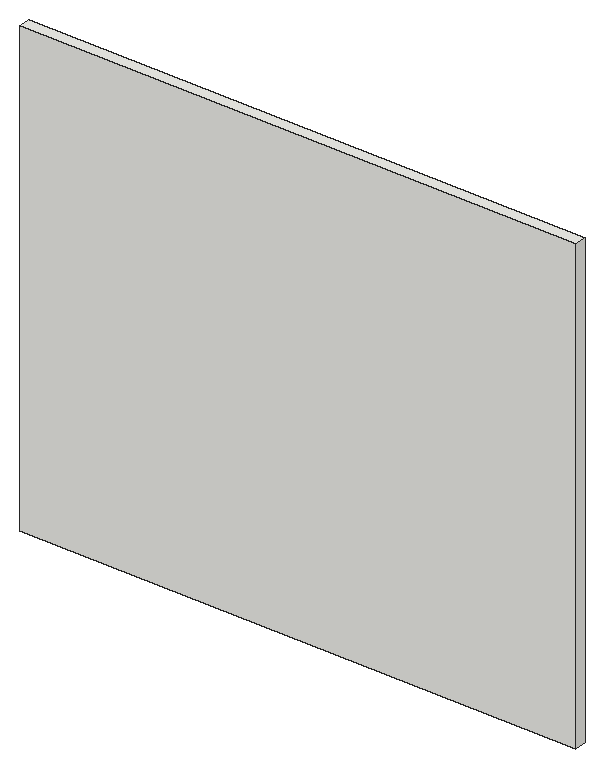
Revit family
Parameters (values of type "2435 x 1981mm")
  Height = 1981.00 mm
  Thickness = 51.00 mm
  Wall Closure = (empty or 0)
  Width = 2435.00 mm
  Door Material = Metal - Paint Finish - Ivory,Matte
Reference planes
  plane 1: y = 0
  plane 2: z = 0
  plane 3: x = 0
  plane 4: x = -1217.5
  plane 5: x = 1217.5
  plane 6: z = 1981
Forms (mm)
  Extrusion 1, solid, material "Metal - Paint Finish - Ivory,Matte" <- "Door Material"
    sketch origin (0, 0, 0) x (1, 0, 0) y (0, 1, 0)
      loop
        line (-1217.5, -101.6) -> (-1217.5, -152.6) -> (1217.5, -152.6) -> (1217.5, -101.6) -> (-1217.5, -101.6)
    from 0 to 1981
Lines and regions (mm)
  Opening 1
    outline origin (-3302, -101.6, 0) x (1, 0, 0) y (0, 0, 1)
      loop
        line (2084.5, 0) -> (4519.5, 0) -> (4519.5, 1981) -> (2084.5, 1981) -> (2084.5, 0)
  model lines, style "DoorsPanelProjection"
    curve 1: line (1217.5, -101.6, 0) -> (-1217.5, -101.6, 0)
    curve 4: line (1217.5, -101.6, 1698) -> (-1217.5, -101.6, 1698)
    curve 5: line (1217.5, -101.6, 1415) -> (-1217.5, -101.6, 1415)
    curve 6: line (1217.5, -101.6, 1132) -> (-1217.5, -101.6, 1132)
    curve 7: line (1217.5, -101.6, 849) -> (-1217.5, -101.6, 849)
    curve 8: line (1217.5, -101.6, 566) -> (-1217.5, -101.6, 566)
    curve 9: line (1217.5, -101.6, 283) -> (-1217.5, -101.6, 283)
  symbolic lines, style "Elevation Swing"
    curve 2: arc (0, -101.6, 1981) -> (0, -201.351, 2221.821) -> (0, -442.172, 2321.572) r 340.572
    curve 3: line (0, -442.172, 2321.572) -> (0, -2423.372, 2321.572)
Text (mm)
  text "Exterior" at (-1812.94, 377.066, 0), in view "Floor Line"
  text "Exterior" at (0, 888.654, 3134.195), in view "Right"
Dimensions and locks
  equal spacing: plane 4, plane 3, plane 5
  "Width": plane 4 to plane 5
  "Height": plane 2 to plane 6
  "Thickness": Extrusion 1 sketch curve to Extrusion 1 sketch curve
  equal spacing: host wall, curve 9, curve 8, curve 7, curve 6, curve 5, curve 4, plane 6
  aligned and locked: plane 4 to Opening 1 sketch curve
  aligned and locked: plane 6 to Opening 1 sketch curve  (x2)
  aligned and locked: Opening 1 sketch curve to plane 5
  aligned and locked: Opening 1 sketch curve to level
  aligned and locked: host wall to Extrusion 1 sketch curve
  aligned and locked: plane 5 to curve 1
  aligned and locked: plane 4 to curve 1
  aligned and locked: Extrusion 1 to level
  aligned and locked: host wall to curve 2
  aligned and locked: Extrusion 1 to host wall
  aligned and locked: Extrusion 1 to curve 4
  aligned and locked: plane 4 to curve 4
  aligned and locked: plane 5 to curve 5
  aligned and locked: plane 4 to curve 5
  aligned and locked: Extrusion 1 to curve 6
  aligned and locked: plane 4 to curve 6
  aligned and locked: plane 5 to curve 7
  aligned and locked: plane 4 to curve 7
  aligned and locked: Extrusion 1 to curve 8
  aligned and locked: plane 4 to curve 8
  aligned and locked: plane 5 to curve 9
  aligned and locked: plane 4 to curve 9
Automatic sketch dimensions
  Extrusion 1 sketch curve to plane 4 = 0.00 mm
  Extrusion 1 sketch curve to plane 5 = 0.00 mm
  curve 2 to plane 6 = 0.00 mm
  curve 2 to curve 2 = 340.572 mm
  curve 3 to curve 2 = 1981.20 mm
  curve 1 to level = 0.00 mm
